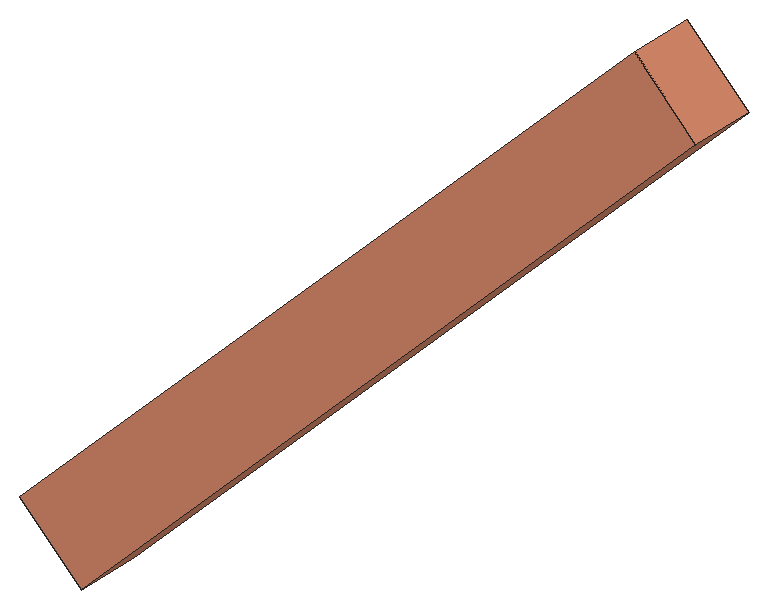
Revit family "盤サポート_不等辺山形鋼", category Generic Models, Revit 2020
Family settings
  Can host rebar = No
  Round Connector Dimension = Use Diameter
  Part Type = Normal
  Work Plane-Based = Yes
  Always vertical = No
  Cut with Voids When Loaded = No
  Shared = No
  Room Calculation Point = No
Parameters (values of type "L 100 x 75")
  高さ = 100 mm
  長辺 [instance] = 長さ  # 1000 mm
  長さ [instance] = 1000 mm
  部屋名 = ""
  角度 [instance] = 45.00°
  Default Elevation = 1219.2 mm
  構造マテリアル = E403_盤サポート
  幅 = 75 mm
Types (6, lengths in mm): name | 高さ | 幅
  L 100 x 75 | 100 | 75
  L 125 x 75 | 125 | 75
  L 125 x 90 | 125 | 90
  L 150 x 100 | 150 | 100
  L 150 x 90 | 150 | 90
  L 90 x 75 | 90 | 75
Reference planes
  plane 1 "中心(正面/背面)": y = 0
  plane 2: z = 0
  plane 3 "中心(左/右)": x = 0
Lines and regions (mm)
  reference lines
    curve 1: line (0, 0, 0) -> (848.528, 0, 848.528)
    curve 2: line (35.355, 0, -35.355) -> (-35.355, 0, 35.355)
    curve 3: line (742.462, 0, 671.751) -> (671.751, 0, 742.462)
Dimensions and locks
  equal spacing: curve 2, curve 1, curve 2
  "高さ": curve 2 to curve 2
  equal spacing: curve 3, curve 1, curve 3
  "高さ": curve 3 to curve 3
  "長さ": curve 2 to curve 3
  "角度": angle level to curve 1
  angle curve 2 to curve 1 = 90.00°
  angle curve 3 to curve 1 = 90.00°
  aligned and locked: level to plane 2
  aligned and locked: level to curve 1
  aligned and locked: plane 3 "中心(左/右)" to curve 1
  aligned and locked: curve 2 to nested 1
  aligned and locked: nested 1 to curve 1
Nested families
  nested 1: "グレーチング_不等辺山形鋼" at (-35.355, 0, 35.355) x (0, 1, 0) z (0.7071, 0, -0.7071), 長さ <- "長さ", type "L 90 x 75"
    with 長辺 1000 mm, 長さ 1000 mm, 高さ 100 mm
Definition of nested family "グレーチング_不等辺山形鋼"
  Parameters (values of type "L 125 x 75")
    高さ = 125 mm
    長辺 [instance] = 長さ  # 1000 mm
    長さ [instance] = 1000 mm
    部屋名 = ""
    Default Elevation = 1219.2 mm
    構造マテリアル = none
    幅 = 75 mm
  Types (6, lengths in mm): name | 高さ | 幅
    L 90 x 75 | 90 | 75
    L 100 x 75 | 100 | 75
    L 125 x 75 | 125 | 75
    L 125 x 90 | 125 | 90
    L 150 x 90 | 150 | 90
    L 150 x 100 | 150 | 100
  Reference planes
    plane 1 "中心(正面/背面)": y = 0
    plane 2: z = 0
    plane 3 "中心(左/右)": x = 0
    plane 4: z = 125
    plane 5: z = 62.5
  Forms (mm)
    Extrusion 1, solid, material <- "構造マテリアル"
      sketch origin (0, 0, 0) x (1, 0, 0) y (0, 1, 0)
        loop
          line (-37.5, 1000) -> (-37.5, 0) -> (37.5, 0) -> (37.5, 1000) -> (-37.5, 1000)
      from 0 to 125
  Lines and regions (mm)
    reference lines
      curve 1: line (37.5, 1000, 0) -> (-37.5, 1000, 0)
      curve 2: line (37.5, 0, 0) -> (-37.5, 0, 0)
  Dimensions and locks
    "長さ": curve 1 to curve 2
    "幅": Extrusion 1 to Extrusion 1
    equal spacing: Extrusion 1, plane 3 "中心(左/右)", Extrusion 1
    "幅": curve 1 to curve 1
    equal spacing: curve 1, plane 3 "中心(左/右)", curve 1
    "幅": curve 2 to curve 2
    equal spacing: curve 2, plane 3 "中心(左/右)", curve 2
    equal spacing: plane 4, plane 5, level
    "高さ": plane 4 to level
    aligned and locked: level to plane 2
    aligned and locked: Extrusion 1 to curve 2
    aligned and locked: curve 1 to Extrusion 1
    aligned and locked: plane 4 to Extrusion 1
  Automatic sketch dimensions
    Extrusion 1 sketch curve to plane 3 "中心(左/右)" = 37.5 mm
    plane 3 "中心(左/右)" to Extrusion 1 sketch curve = 37.5 mm
    plane 1 "中心(正面/背面)" to Extrusion 1 sketch curve = 0 mm
    Extrusion 1 sketch curve to plane 1 "中心(正面/背面)" = 1000 mm
    plane 1 "中心(正面/背面)" to curve 2 = 0 mm
